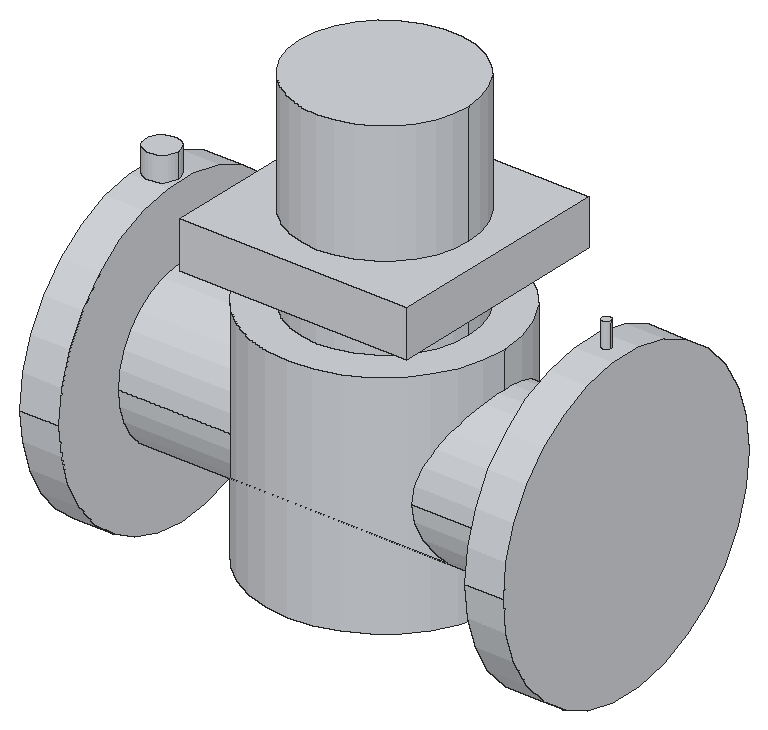
Revit family "PV_Compact_PN16_DN200_(20-100kPa)_RFA_2019", category Pipe Accessories, Revit 2019
Family settings
  Round Connector Dimension = Use Diameter
  Part Type = Valve - Breaks Into
  Work Plane-Based = No
  Always vertical = Yes
  Cut with Voids When Loaded = No
  Shared = No
Parameters (values of type "PV Compact PN16 DN200 (20-100kPa)")
  magiProductId = "073b87d1a570497386745af6d59d88"
  magiProductFamilyId = "23d1f353e6b1477a88f64fef0dfa1d"
  magiPartTypeId = 304
  isMeasuringValve [instance] = no
  ang2D [instance] = 0.00°
  W2D = 50 mm
  VersionID = "2.0/2018.12.13.2/FRESE_PV_COMPACT_BIG_Q13_001"
  Use Minimum Symbol Size [instance] = no
  URL = "www.hydronix.cz"
  Type Comments = "PŘÍRUBOVÝ; PN16; dpmax=1000kPa; -10~+110°C"
  R4 = 105 mm
  R3 = 98.8 mm
  R1 = 150 mm
  QmdConnectorList = "301;D;302;D"
  Productdata [instance] = ""
  Manufacturer = "Hydronix"
  Maintenance Zone Under Depth [instance] = 100 mm
  Maintenance Zone Right Depth [instance] = 100 mm
  Maintenance Zone Over Depth [instance] = 100 mm
  Maintenance Zone Left Depth [instance] = 100 mm
  Maintenance Zone Front Depth [instance] = 100 mm
  Maintenance Zone Back Depth [instance] = 100 mm
  Maintenance Zone Front Visibility [instance] = no
  MC Use Limits From Balancing Method = no
  MC Throttling Minimum Value = 0
  MC Throttling Maximum Value = 0
  MC Product Code = "53-3318 DN200 PN16; nastavitelný rozsah dp=20~100kPa; Q=30,7~123 m3/h;  kvs=275"
  MC Pressure Drop Minimum Value = 0.0 Pa
  MC Pressure Drop Maximum Value = 0.0 Pa
  MC Piping Given Pressure Drop [instance] = 0.0 Pa
  LF__ve = -LF  # -48 mm
  LF2 = 24 mm
  LF = 48 mm
  L4 = 282 mm
  L3 = 504 mm
  L2D_Min = 30.48 mm
  L2D = 230 mm
  L2 = 300 mm
  H6 = 150 mm
  H4 = 57 mm
  H3 = 47.5 mm
  H2 = 142.5 mm
  H1 = 285 mm
  Description = "Nastavitelný regulátor tlakové diference"
  DF2 = 190 mm
  D = 200 mm
  Clearance Zone Height Depth [instance] = 100 mm
  Clearance Zone Circular Radius [instance] = 300 mm
  Clearance Zone Visibility [instance] = no
  CAT0 = yes
Types (7, lengths in mm): name | magiProductId | Type Comments | R4 | R3 | R1 | MC Product Code | LF__ve | LF2 | LF | L4 | L3 | L2 | H6 | H4 | H3 | H2 | H1 | DF2 | D | Clearance Zone Circular Radius
  PV Compact PN16 DN050 (20-100kPa) | "00877ad72a9f485bb97ca64af9b4c2" | "PŘÍRUBOVÝ; PN16; dpmax=1000kPa; -10~+120°C" | 40.25 | 42.9 | 57.5 | "53-3300 DN50 PN16; nastavitelný rozsah dp=20~100kPa; Q=3,2~13 m3/h;  kvs=29" | -18.4 | 9.2 | 18.4 | 108.1 | 193.2 | 115 | 82.25 | 24.75 | 20.625 | 61.875 | 123.75 | 82.5 | 50 | 115
  PV Compact PN16 DN065 (20-100kPa) | "4caf92840fdb43d88ad3b460526bbd" | "PŘÍRUBOVÝ; PN16; dpmax=1000kPa; -10~+120°C" | 50.75 | 48.1 | 72.5 | "53-3303 DN65 PN16; nastavitelný rozsah dp=20~100kPa; Q=4,7~18,8 m3/h;  kvs=42" | -23.2 | 11.6 | 23.2 | 136.3 | 243.6 | 145 | 105.25 | 27.75 | 23.125 | 69.375 | 138.75 | 92.5 | 65 | 145
  PV Compact PN16 DN080 (20-100kPa) | "fe1ae4728650433e927a6ac465ecb1" | "PŘÍRUBOVÝ; PN16; dpmax=1000kPa; -10~+120°C" | 54.25 | 52 | 77.5 | "53-3306 DN80 PN16; nastavitelný rozsah dp=20~100kPa; Q=7,5~30 m3/h;  kvs=67" | -24.8 | 12.4 | 24.8 | 145.7 | 260.4 | 155 | 141 | 30 | 25 | 75 | 150 | 100 | 80 | 155
  PV Compact PN16 DN100 (20-100kPa) | "9ee8abb4b353443d9e820e5bd3bf33" | "PŘÍRUBOVÝ; PN16; dpmax=1000kPa; -10~+120°C" | 61.25 | 61.1 | 87.5 | "53-3309 DN100 PN16; nastavitelný rozsah dp=20~100kPa; Q=12,9~51,4 m3/h;  kvs=115" | -28 | 14 | 28 | 164.5 | 294 | 175 | 234.75 | 35.25 | 29.375 | 88.125 | 176.25 | 117.5 | 100 | 175
  PV Compact PN16 DN125 (20-100kPa) | "e22e3bcdfcda477085ce507150ab41" | "PŘÍRUBOVÝ; PN16; dpmax=1000kPa; -10~+120°C" | 70 | 70.2 | 100 | "53-3312 DN125 PN16; nastavitelný rozsah dp=20~100kPa; Q=19,0~76,0 m3/h;  kvs=170" | -32 | 16 | 32 | 188 | 336 | 200 | 225.5 | 40.5 | 33.75 | 101.25 | 202.5 | 135 | 125 | 200
  PV Compact PN16 DN150 (20-100kPa) | "c042f62d475c462ea84624600fc620" | "PŘÍRUBOVÝ; PN16; dpmax=1000kPa; -10~+120°C" | 84 | 74.1 | 120 | "53-3315 DN150 PN16; nastavitelný rozsah dp=20~100kPa; Q=28,0~112 m3/h;  kvs=250" | -38.4 | 19.2 | 38.4 | 225.6 | 403.2 | 240 | 256.25 | 42.75 | 35.625 | 106.875 | 213.75 | 142.5 | 150 | 240
  PV Compact PN16 DN200 (20-100kPa) | "073b87d1a570497386745af6d59d88" | "PŘÍRUBOVÝ; PN16; dpmax=1000kPa; -10~+110°C" | 105 | 98.8 | 150 | "53-3318 DN200 PN16; nastavitelný rozsah dp=20~100kPa; Q=30,7~123 m3/h;  kvs=275" | -48 | 24 | 48 | 282 | 504 | 300 | 150 | 57 | 47.5 | 142.5 | 285 | 190 | 200 | 300
Reference planes
  plane 1 "Center (Front/Back)": y = 0
  plane 2 "XYPLANE": z = 0
  plane 3 "Center (Left/Right)": x = 0
  plane 4 "257": y = -190
  plane 5 "256": y = 190
  plane 6 "255": z = -190
  plane 7 "254": y = -290
  plane 8 "253": y = 290
  plane 9 "252": x = -400
  plane 10 "251": x = 400
  plane 11 "250": z = 497
  plane 12 "249": z = -290
  plane 13 "248": z = 497
  plane 14 "247": z = 397
  plane 15 "157": x = 276
  plane 16 "156": x = -276
  plane 17 "155": z = 190
  plane 18 "154": z = 247
  plane 19 "153": z = 190
  plane 20 "152": z = 142.5
  plane 21 "151": x = -252
  plane 22 "150": z = -142.5
  plane 23 "149": x = 0
  plane 24 "148": y = 0
  plane 25 "147": z = 0
  plane 26 "146": x = -300
  plane 27 "145": x = 300
Forms (mm)
  Blend 1, solid, visible <- "Maintenance Zone Front Visibility"
    base sketch origin (-750, 0, -290) x (1, 0, 0) y (0, 1, 0)
      loop
        line (350, 290) -> (350, -290) -> (1150, -290) -> (1150, 290) -> (350, 290)
    top sketch origin (-750, 0, -290) x (1, 0, 0) y (0, 1, 0)
      loop
        line (350, 290) -> (350, -290) -> (1150, -290) -> (1150, 290) -> (350, 290)
    from 0 to 787
  Blend 2, solid, visible <- "Clearance Zone Visibility"
    base sketch origin (-750, 0, 0) x (1, 0, 0) y (0, 1, 0)
      loop
        circle (750, 0) r 300
    top sketch origin (-750, 0, 0) x (1, 0, 0) y (0, 1, 0)
      loop
        circle (750, 0) r 300
    from 0 to 497
  Extrusion 3, solid, visible <- "CAT0"
    sketch origin (-750, 0, 190) x (1, 0, 0) y (0, 1, 0)
      loop
        circle (1026, 0) r 5.5
    from 0 to 30
  Extrusion 4, solid, visible <- "CAT0"
    sketch origin (-750, 0, 190) x (1, 0, 0) y (0, 1, 0)
      loop
        circle (474, 0) r 20.3
    from 0 to 30
  Extrusion 5, solid
    sketch origin (-750, 0, 247) x (1, 0, 0) y (0, 1, 0)
      loop
        circle (750, 0) r 105
    from 0 to 150 <- "H6"
  Extrusion 6, solid, visible <- "CAT0"
    sketch origin (-750, 0, 190) x (1, 0, 0) y (0, 1, 0)
      loop
        line (891, 141) -> (609, 141) -> (609, -141) -> (891, -141) -> (891, 141)
    from 0 to 57 <- "H4"
  Extrusion 7, solid, visible <- "CAT0"
    sketch origin (-750, 0, 142.5) x (1, 0, 0) y (0, 1, 0)
      loop
        circle (750, 0) r 105
    from 0 to 47.5 <- "H3"
  Extrusion 8, solid, visible <- "CAT0"
    sketch origin (-252, -750, 0) x (0, 1, 0) y (0, 0, 1)
      loop
        circle (750, 0) r 98.8
    from 0 to 504 <- "L3"
  Extrusion 9, solid, visible <- "CAT0"
    sketch origin (-750, 0, -142.5) x (1, 0, 0) y (0, 1, 0)
      loop
        circle (750, 0) r 150
    from 0 to 285 <- "H1"
  Extrusion 10, solid, visible <- "CAT0"
    sketch origin (-300, -750, 0) x (0, 1, 0) y (0, 0, 1)
      loop
        circle (750, 0) r 190
    from 0 to 48 <- "LF"
  Extrusion 11, solid, visible <- "CAT0"
    sketch origin (300, -750, 0) x (0, 1, 0) y (0, 0, 1)
      loop
        circle (750, 0) r 190
    from 0 to -48 <- "LF__ve"
  Extrusion 12, solid, not visible
    sketch origin (-300, -750, 0) x (0, 1, 0) y (0, 0, 1)
      loop
        circle (750, 0) r 10
    from 0 to 10
  Extrusion 13, solid, not visible
    sketch origin (300, -750, 0) x (0, 1, 0) y (0, 0, 1)
      loop
        circle (750, 0) r 10
    from 0 to -10
Lines and regions (mm)
  reference lines, not visible
    curve 1: circle (2, 2, 0) r 1 normal (0, 0, 1)
  reference lines
    curve 2: circle (0, 0, 190) r 1 normal (0, 0, 1)
Dimensions and locks
  plane 1 "Center (Front/Back)" to curve 1 = 2 mm
  "DF2": plane 24 "148" to plane 4 "257"
  "DF2": plane 24 "148" to plane 5 "256"
  "DF2": plane 25 "147" to plane 6 "255"
  "Maintenance Zone Front Depth": plane 4 "257" to plane 7 "254"
  "Maintenance Zone Back Depth": plane 5 "256" to plane 8 "253"
  "Maintenance Zone Left Depth": plane 26 "146" to plane 9 "252"
  "Maintenance Zone Right Depth": plane 27 "145" to plane 10 "251"
  "Maintenance Zone Over Depth": plane 14 "247" to plane 11 "250"
  "Maintenance Zone Under Depth": plane 6 "255" to plane 12 "249"
  "Clearance Zone Height Depth": plane 14 "247" to plane 13 "248"
  "H6": plane 18 "154" to plane 14 "247"
  "LF2": plane 27 "145" to plane 15 "157"
  "LF2": plane 26 "146" to plane 16 "156"
  "DF2": plane 2 "XYPLANE" to plane 17 "155"
  "H4": plane 19 "153" to plane 18 "154"
  "H3": plane 20 "152" to plane 19 "153"
  "H1": plane 22 "150" to plane 20 "152"
  "LF": plane 26 "146" to plane 21 "151"
  "H2": plane 2 "XYPLANE" to plane 22 "150"
  locked: plane 3 "Center (Left/Right)" to plane 23 "149"
  locked: plane 1 "Center (Front/Back)" to plane 24 "148"
  locked: plane 2 "XYPLANE" to plane 25 "147"
  "L2": plane 3 "Center (Left/Right)" to plane 26 "146"
  "L2": plane 3 "Center (Left/Right)" to plane 27 "145"
  Blend 1 sketch curve to Blend 1 sketch curve = 0 mm  (x16)
  equal spacing: Extrusion 6 sketch curve, curve 2, Extrusion 6 sketch curve  (x2)
  "L4": Extrusion 6 sketch curve to Extrusion 6 sketch curve  (x2)
  Extrusion 6 sketch curve to Extrusion 6 sketch curve = 0 mm  (x8)
  "Clearance Zone Circular Radius": radius of Blend 2 sketch curve  (x2)
  "R4": radius of Extrusion 5 sketch curve
  "R4": radius of Extrusion 7 sketch curve
  "R3": radius of Extrusion 8 sketch curve
  "R1": radius of Extrusion 9 sketch curve
  "DF2": radius of Extrusion 10 sketch curve
  "DF2": radius of Extrusion 11 sketch curve
  aligned and locked: level to plane 2 "XYPLANE"
  aligned and locked: Blend 1 sketch curve to plane 8 "253"  (x2)
  aligned and locked: plane 9 "252" to Blend 1 sketch curve  (x4)
  aligned and locked: plane 10 "251" to Blend 1 sketch curve  (x4)
  aligned and locked: plane 8 "253" to Blend 1 sketch curve  (x2)
  aligned and locked: plane 7 "254" to Blend 1 sketch curve  (x4)
  aligned and locked: plane 11 "250" to Blend 1
  aligned and locked: plane 23 "149" to Blend 2 sketch curve  (x2)
  aligned and locked: plane 24 "148" to Blend 2 sketch curve  (x2)
  aligned and locked: plane 13 "248" to Blend 2
  aligned and locked: plane 15 "157" to Extrusion 3 sketch curve
  aligned and locked: plane 24 "148" to Extrusion 3 sketch curve
  aligned and locked: plane 16 "156" to Extrusion 4 sketch curve
  aligned and locked: plane 24 "148" to Extrusion 4 sketch curve
  aligned and locked: plane 23 "149" to Extrusion 5 sketch curve
  aligned and locked: plane 24 "148" to Extrusion 5 sketch curve
  aligned and locked: plane 23 "149" to curve 2
  aligned and locked: plane 24 "148" to curve 2
  aligned and locked: plane 23 "149" to Extrusion 7 sketch curve
  aligned and locked: plane 24 "148" to Extrusion 7 sketch curve
  aligned and locked: Extrusion 8 sketch curve to plane 24 "148"
  aligned and locked: plane 25 "147" to Extrusion 8 sketch curve
  aligned and locked: plane 23 "149" to Extrusion 9 sketch curve
  aligned and locked: plane 24 "148" to Extrusion 9 sketch curve
  aligned and locked: Extrusion 10 sketch curve to plane 24 "148"
  aligned and locked: plane 25 "147" to Extrusion 10 sketch curve
  aligned and locked: Extrusion 11 sketch curve to plane 24 "148"
  aligned and locked: plane 25 "147" to Extrusion 11 sketch curve
  aligned and locked: Extrusion 12 sketch curve to plane 24 "148"
  aligned and locked: plane 25 "147" to Extrusion 12 sketch curve
  aligned and locked: Extrusion 13 sketch curve to plane 24 "148"
  aligned and locked: plane 25 "147" to Extrusion 13 sketch curve
Automatic sketch dimensions
  Extrusion 3 sketch curve to plane 15 "157" = 5.5 mm
  plane 26 "146" to Extrusion 4 sketch curve = 3.7 mm
  plane 1 "Center (Front/Back)" to Extrusion 12 sketch curve = 10 mm
  plane 1 "Center (Front/Back)" to Extrusion 13 sketch curve = 10 mm
  plane 3 "Center (Left/Right)" to curve 1 = 2 mm
  plane 21 "151" to Extrusion 6 sketch curve = 111 mm
  plane 4 "257" to Extrusion 6 sketch curve = 49 mm
  radius of curve 2 = 1 mm
  radius of curve 1 = 1 mm
Connectors
  piping at (-300, 0, 0), diameter 200, driven by "D"
    settings: on Extrusion 12, index 1, connector inside diameter 609.6 mm, connector length 0 mm, flow factor 0, pipe flow 0.0 L/s, pressure drop 0.0 Pa, fitting loss kfactor 0, connector angle 0.00°, fixture units 0, engagement length 0 mm, angle of deflection 0.00°, flow configuration 0, flow direction 0, fitting loss method 0, system type 29, joint type 0, gender type 0, connector reference index 2, connector utility 0, adjustable connector no, is connector primary yes, connector description ""
  piping at (300, 0, 0), diameter 200, driven by "D"
    settings: on Extrusion 13, index 2, connector inside diameter 609.6 mm, connector length 0 mm, flow factor 0, pipe flow 0.0 L/s, pressure drop 0.0 Pa, fitting loss kfactor 0, connector angle 0.00°, fixture units 0, engagement length 0 mm, angle of deflection 0.00°, flow configuration 0, flow direction 0, fitting loss method 0, system type 29, joint type 0, gender type 0, connector reference index 1, connector utility 0, adjustable connector no, is connector primary no, connector description ""
